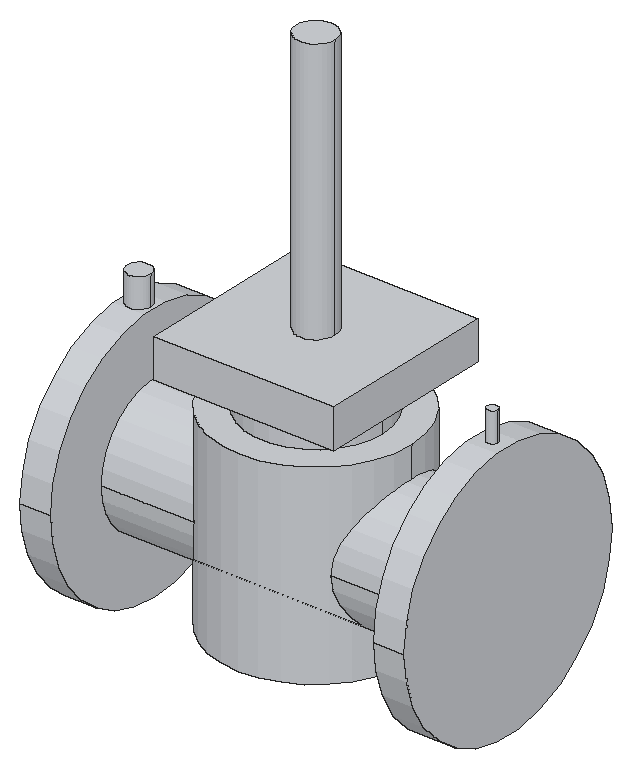
Revit family "OPTIMA_Compact_FLANGE_PN25_DN125-HF_RFA_2018", category Pipe Accessories, Revit 2018
Family settings
  Round Connector Dimension = Use Diameter
  Part Type = Valve - Breaks Into
  Work Plane-Based = No
  Always vertical = Yes
  Cut with Voids When Loaded = No
  Shared = No
Parameters (values of type "Optima Compact Flange PN25 DN125 HF")
  magiProductId = "Frese Optima Flange DN125 HF"
  magiProductFamilyId = "Frese Optima Flange *"
  magiPartTypeId = 304
  isMeasuringValve [instance] = no
  ang2D [instance] = 0.00°
  W2D = 50 mm
  VersionID = "2.0/2018.8.28.1/FRESE_OPTIMA_FLANGE_Q13_002"
  Use Minimum Symbol Size [instance] = yes
  URL = "www.hydronic.cz"
  Type Comments = "Přírubový; PN25; 0~120°C, s měřením"
  R4 = 70 mm
  R3 = 70.2 mm
  R1 = 100 mm
  QmdConnectorList = "301;D;302;D"
  Productdata [instance] = ""
  Manufacturer = "Hydronic Systems Prague s.r.o."
  MC Product Code = "53-1234 (DN125 HF; 40mm; pohon min 1000N; Qmin-dpmin 23000l/h-27.0kPa; Qmax-dpmin 135000l/h-53.0kPa; dpmax 800kPa)"
  MC Piping Given Pressure Drop [instance] = 0.0 Pa
  LF__ve = -LF  # -32 mm
  LF2 = 16 mm
  LF = 32 mm
  L4 = 188 mm
  L3 = 336 mm
  L2D_Min = 3048 mm
  L2D = 230 mm
  L2 = 200 mm
  H6 = 275.5 mm
  H4 = 40.5 mm
  H3 = 33.75 mm
  H2 = 101.25 mm
  H1 = 202.5 mm
  Description = "Tlakově nezávislý 2-cestný regulační vyvažovací ventil (PICV)"
  DF2 = 135 mm
  D = 125 mm
  CAT0 = yes
Types (14, lengths in mm): name | magiProductId | magiProductFamilyId | W2D | Type Comments | R4 | R3 | R1 | MC Product Code | LF__ve | LF2 | LF | L4 | L3 | L2D | L2 | H6 | H4 | H3 | H2 | H1 | DF2 | D
  Optima Compact Flange PN25 DN050 LF | "Frese Optima Flange DN050 LF" | "Frese Optima Flange *" | 50 | "Přírubový; PN25; 0~120°C, s měřením" | 40.3 | 42.9 | 57.5 | "53-1220 (DN50 LF; 20mm; pohon min 1000N; Qmin-dpmin 2500l/h-6.5kPa; Qmax-dpmin 15000l/h-20.0kPa; dpmax 800kPa)" | -18.4 | 9.2 | 18.4 | 108.1 | 193.2 | 230 | 115 | 157.3 | 24.8 | 20.6 | 61.9 | 123.8 | 82.5 | 50
  Optima Compact Flange PN25 DN050 HF | "Frese Optima Flange DN050 HF" | "Frese Optima Flange *" | 50 | "Přírubový; PN25; 0~120°C, s měřením" | 40.25 | 42.9 | 57.5 | "53-1230 (DN50 HF; 20mm; pohon min 1000N; Qmin-dpmin 3900l/h-19.0kPa; Qmax-dpmin 24000l/h-50.0kPa; dpmax 800kPa)" | -18.4 | 9.2 | 18.4 | 108.1 | 193.2 | 230 | 115 | 157.25 | 24.75 | 20.625 | 61.875 | 123.75 | 82.5 | 50
  Optima Compact Flange PN25 DN065 LF | "Frese Optima Flange DN065 LF" | "Frese Optima Flange *" | 50 | "Přírubový; PN25; 0~120°C, s měřením" | 50.75 | 48.1 | 72.5 | "53-1221 (DN65 LF; 20mm; pohon min 1000N; Qmin-dpmin 4400l/h-15.0kPa; Qmax-dpmin 25000l/h-25.0kPa; dpmax 800kPa)" | -23.2 | 11.6 | 23.2 | 136.3 | 243.6 | 230 | 145 | 171.25 | 27.75 | 23.125 | 69.375 | 138.75 | 92.5 | 65
  Optima Compact Flange PN25 DN065 HF | "Frese Optima Flange DN065 HF" | "Frese Optima Flange *" | 50 | "Přírubový; PN25; 0~120°C, s měřením" | 50.75 | 48.1 | 72.5 | "53-1231 (DN65 HF; 20mm; pohon min 1000N; Qmin-dpmin 6000l/h-30.0kPa; Qmax-dpmin 35000l/h-55.0kPa; dpmax 800kPa)" | -23.2 | 11.6 | 23.2 | 136.3 | 243.6 | 230 | 145 | 171.25 | 27.75 | 23.125 | 69.375 | 138.75 | 92.5 | 65
  Optima Compact Flange PN25 DN080 LF | "Frese Optima Flange DN080 LF" | "Frese Optima Flange *" | 50 | "Přírubový; PN25; 0~120°C, s měřením" | 54.25 | 52 | 77.5 | "53-1222 (DN80 LF; 20mm; pohon min 1000N; Qmin-dpmin 5300l/h-16.0kPa; Qmax-dpmin 34000l/h-25.0kPa; dpmax 800kPa)" | -24.8 | 12.4 | 24.8 | 145.7 | 260.4 | 230 | 155 | 183 | 30 | 25 | 75 | 150 | 100 | 80
  Optima Compact Flange PN25 DN080 HF | "Frese Optima Flange DN080 HF" | "Frese Optima Flange *" | 50 | "Přírubový; PN25; 0~120°C, s měřením" | 54.25 | 52 | 77.5 | "53-1232 (DN80 HF; 20mm; pohon min 1000N; Qmin-dpmin 7000l/h-23.0kPa; Qmax-dpmin 43000l/h-50.0kPa; dpmax 800kPa)" | -24.8 | 12.4 | 24.8 | 145.7 | 260.4 | 230 | 155 | 183 | 30 | 25 | 75 | 150 | 100 | 80
  Optima Compact Flange PN25 DN100 LF | "Frese Optima Flange DN100 LF" | "Frese Optima Flange *" | 50 | "Přírubový; PN25; 0~120°C, s měřením" | 61.25 | 61.1 | 87.5 | "53-1223 (DN100 LF; 40mm; pohon min 1000N; Qmin-dpmin 12100l/h-20.0kPa; Qmax-dpmin 68000l/h-35.0kPa; dpmax 800kPa)" | -28 | 14 | 28 | 164.5 | 294 | 230 | 175 | 268.75 | 35.25 | 29.375 | 88.125 | 176.25 | 117.5 | 100
  Optima Compact Flange PN25 DN100 HF | "Frese Optima Flange DN100 HF" | "Frese Optima Flange *" | 50 | "Přírubový; PN25; 0~120°C, s měřením" | 61.25 | 61.1 | 87.5 | "53-1233 (DN100 HF; 40mm; pohon min 1000N; Qmin-dpmin 14800l/h-30.0kPa; Qmax-dpmin 90000l/h-75.0kPa; dpmax 800kPa)" | -28 | 14 | 28 | 164.5 | 294 | 230 | 175 | 268.75 | 35.25 | 29.375 | 88.125 | 176.25 | 117.5 | 100
  Optima Compact Flange PN25 DN125 LF | "Frese Optima Flange DN125 LF" | "Frese Optima Flange *" | 50 | "Přírubový; PN25; 0~120°C, s měřením" | 70 | 70.2 | 100 | "53-1224 (DN125 LF; 40mm; pohon min 1000N; Qmin-dpmin 18500l/h-16.0kPa; Qmax-dpmin 110000l/h-35.0kPa; dpmax 800kPa)" | -32 | 16 | 32 | 188 | 336 | 230 | 200 | 275.5 | 40.5 | 33.75 | 101.25 | 202.5 | 135 | 125
  Optima Compact Flange PN25 DN125 HF | "Frese Optima Flange DN125 HF" | "Frese Optima Flange *" | 50 | "Přírubový; PN25; 0~120°C, s měřením" | 70 | 70.2 | 100 | "53-1234 (DN125 HF; 40mm; pohon min 1000N; Qmin-dpmin 23000l/h-27.0kPa; Qmax-dpmin 135000l/h-53.0kPa; dpmax 800kPa)" | -32 | 16 | 32 | 188 | 336 | 230 | 200 | 275.5 | 40.5 | 33.75 | 101.25 | 202.5 | 135 | 125
  Optima Compact Flange PN25 DN150 LF | "Frese Optima Flange DN150 LF" | "Frese Optima Flange *" | 50 | "Přírubový; PN25; 0~110°C, s měřením" | 84 | 74.1 | 120 | "53-1225 (DN150 LF; 43mm; pohon min 1500N; Qmin-dpmin 25600l/h-21.0kPa; Qmax-dpmin 148000l/h-35.0kPa; dpmax 800kPa)" | -38.4 | 19.2 | 38.4 | 225.6 | 403.2 | 230 | 240 | 279.25 | 42.75 | 35.625 | 106.875 | 213.75 | 142.5 | 150
  Optima Compact Flange PN25 DN150 HF | "Frese Optima Flange DN150 HF" | "Frese Optima Flange *" | 50 | "Přírubový; PN25; 0~110°C, s měřením" | 84 | 74.1 | 120 | "53-1235 (DN150 HF; 43mm; pohon min 1500N; Qmin-dpmin 32000l/h-33.0kPa; Qmax-dpmin 195000l/h-65.0kPa; dpmax 800kPa)" | -38.4 | 19.2 | 38.4 | 225.6 | 403.2 | 230 | 240 | 279.25 | 42.75 | 35.625 | 106.875 | 213.75 | 142.5 | 150
  Optima Compact Flange PN25 DN200 LF | "" | "" | 100 | "Přírubový; PN25; 0~110°C, s měřením" | 164.5 | 98.8 | 235 | "53-1226 (DN200 LF; 43mm; pohon min 1500N; Qmin-dpmin 95000l/h-11.0kPa; Qmax-dpmin 210000l/h-32.0kPa; dpmax 800kPa)" | -48 | 24 | 48 | 282 | 504 | 350 | 300 | 281 | 57 | 15 | 209 | 380 | 190 | 200
  Optima Compact Flange PN25 DN200 HF | "" | "" | 100 | "Přírubový; PN25; 0~110°C, s měřením" | 164.5 | 98.8 | 235 | "53-1236 (DN200 HF; 43mm; pohon min 1500N; Qmin-dpmin 130000l/h-31.0kPa; Qmax-dpmin 280000l/h-78.0kPa; dpmax 800kPa)" | -48 | 24 | 48 | 282 | 504 | 350 | 300 | 281 | 57 | 15 | 209 | 380 | 190 | 200
Reference planes
  plane 1 "Center (Front/Back)": y = 0
  plane 2 "XYPLANE": z = 0
  plane 3 "Center (Left/Right)": x = 0
  plane 4 "157": x = 184
  plane 5 "156": x = -184
  plane 6 "155": z = 135
  plane 7 "154": z = 175.5
  plane 8 "153": z = 135
  plane 9 "152": z = 101.25
  plane 10 "151": x = -168
  plane 11 "150": z = -101.25
  plane 12 "149": x = 0
  plane 13 "148": y = 0
  plane 14 "147": z = 0
  plane 15 "146": x = -200
  plane 16 "145": x = 200
Forms (mm)
  Extrusion 1, solid, visible <- "CAT0"
    sketch origin (-750, 0, 135) x (1, 0, 0) y (0, 1, 0)
      loop
        circle (934, 0) r 5.5
    from 0 to 30
  Extrusion 2, solid, visible <- "CAT0"
    sketch origin (-750, 0, 135) x (1, 0, 0) y (0, 1, 0)
      loop
        circle (566, 0) r 12.3
    from 0 to 30
  Extrusion 3, solid, visible <- "CAT0"
    sketch origin (-750, 0, 175.5) x (1, 0, 0) y (0, 1, 0)
      loop
        circle (750, 0) r 20
    from 0 to 275.5 <- "H6"
  Extrusion 4, solid, visible <- "CAT0"
    sketch origin (-750, 0, 135) x (1, 0, 0) y (0, 1, 0)
      loop
        line (844, 94) -> (656, 94) -> (656, -94) -> (844, -94) -> (844, 94)
    from 0 to 40.5 <- "H4"
  Extrusion 5, solid, visible <- "CAT0"
    sketch origin (-750, 0, 101.25) x (1, 0, 0) y (0, 1, 0)
      loop
        circle (750, 0) r 70
    from 0 to 33.75 <- "H3"
  Extrusion 6, solid, visible <- "CAT0"
    sketch origin (-168, -750, 0) x (0, 1, 0) y (0, 0, 1)
      loop
        circle (750, 0) r 70.2
    from 0 to 336 <- "L3"
  Extrusion 7, solid, visible <- "CAT0"
    sketch origin (-750, 0, -101.25) x (1, 0, 0) y (0, 1, 0)
      loop
        circle (750, 0) r 100
    from 0 to 202.5 <- "H1"
  Extrusion 8, solid, visible <- "CAT0"
    sketch origin (-200, -750, 0) x (0, 1, 0) y (0, 0, 1)
      loop
        circle (750, 0) r 135
    from 0 to 32 <- "LF"
  Extrusion 9, solid, visible <- "CAT0"
    sketch origin (200, -750, 0) x (0, 1, 0) y (0, 0, 1)
      loop
        circle (750, 0) r 135
    from 0 to -32 <- "LF__ve"
  Extrusion 10, solid, not visible
    sketch origin (-200, -750, 0) x (0, 1, 0) y (0, 0, 1)
      loop
        circle (750, 0) r 10
    from 0 to 10
  Extrusion 11, solid, not visible
    sketch origin (200, -750, 0) x (0, 1, 0) y (0, 0, 1)
      loop
        circle (750, 0) r 10
    from 0 to -10
Lines and regions (mm)
  reference lines, not visible
    curve 1: circle (2, 2, 0) r 1 normal (0, 0, 1)
  reference lines
    curve 2: circle (0, 0, 135) r 1 normal (0, 0, 1)
Dimensions and locks
  plane 1 "Center (Front/Back)" to curve 1 = 2 mm
  "LF2": plane 16 "145" to plane 4 "157"
  "LF2": plane 15 "146" to plane 5 "156"
  "DF2": plane 2 "XYPLANE" to plane 6 "155"
  "H4": plane 8 "153" to plane 7 "154"
  "H3": plane 9 "152" to plane 8 "153"
  "H1": plane 11 "150" to plane 9 "152"
  "LF": plane 15 "146" to plane 10 "151"
  "H2": plane 2 "XYPLANE" to plane 11 "150"
  locked: plane 3 "Center (Left/Right)" to plane 12 "149"
  locked: plane 1 "Center (Front/Back)" to plane 13 "148"
  locked: plane 2 "XYPLANE" to plane 14 "147"
  "L2": plane 3 "Center (Left/Right)" to plane 15 "146"
  "L2": plane 3 "Center (Left/Right)" to plane 16 "145"
  equal spacing: Extrusion 4 sketch curve, curve 2, Extrusion 4 sketch curve  (x2)
  "L4": Extrusion 4 sketch curve to Extrusion 4 sketch curve  (x2)
  Extrusion 4 sketch curve to Extrusion 4 sketch curve = 0 mm  (x8)
  "R4": radius of Extrusion 5 sketch curve
  "R3": radius of Extrusion 6 sketch curve
  "R1": radius of Extrusion 7 sketch curve
  "DF2": radius of Extrusion 8 sketch curve
  "DF2": radius of Extrusion 9 sketch curve
  aligned and locked: level to plane 2 "XYPLANE"
  aligned and locked: plane 4 "157" to Extrusion 1 sketch curve
  aligned and locked: plane 13 "148" to Extrusion 1 sketch curve
  aligned and locked: plane 5 "156" to Extrusion 2 sketch curve
  aligned and locked: plane 13 "148" to Extrusion 2 sketch curve
  aligned and locked: plane 12 "149" to Extrusion 3 sketch curve
  aligned and locked: plane 13 "148" to Extrusion 3 sketch curve
  aligned and locked: plane 12 "149" to curve 2
  aligned and locked: plane 13 "148" to curve 2
  aligned and locked: plane 12 "149" to Extrusion 5 sketch curve
  aligned and locked: plane 13 "148" to Extrusion 5 sketch curve
  aligned and locked: Extrusion 6 sketch curve to plane 13 "148"
  aligned and locked: plane 14 "147" to Extrusion 6 sketch curve
  aligned and locked: plane 12 "149" to Extrusion 7 sketch curve
  aligned and locked: plane 13 "148" to Extrusion 7 sketch curve
  aligned and locked: Extrusion 8 sketch curve to plane 13 "148"
  aligned and locked: plane 14 "147" to Extrusion 8 sketch curve
  aligned and locked: Extrusion 9 sketch curve to plane 13 "148"
  aligned and locked: plane 14 "147" to Extrusion 9 sketch curve
  aligned and locked: Extrusion 10 sketch curve to plane 13 "148"
  aligned and locked: plane 14 "147" to Extrusion 10 sketch curve
  aligned and locked: Extrusion 11 sketch curve to plane 13 "148"
  aligned and locked: plane 14 "147" to Extrusion 11 sketch curve
Automatic sketch dimensions
  Extrusion 1 sketch curve to plane 4 "157" = 5.5 mm
  plane 15 "146" to Extrusion 2 sketch curve = 3.7 mm
  Extrusion 3 sketch curve to plane 3 "Center (Left/Right)" = 20 mm
  plane 1 "Center (Front/Back)" to Extrusion 10 sketch curve = 10 mm
  plane 1 "Center (Front/Back)" to Extrusion 11 sketch curve = 10 mm
  plane 3 "Center (Left/Right)" to curve 1 = 2 mm
  plane 10 "151" to Extrusion 4 sketch curve = 74 mm
  plane 1 "Center (Front/Back)" to Extrusion 4 sketch curve = 94 mm
  radius of curve 2 = 1 mm
  radius of curve 1 = 1 mm
Connectors
  piping at (-200, 0, 0), diameter 125, driven by "D"
    settings: on Extrusion 10, index 1, connector inside diameter 609.6 mm, connector length 0 mm, flow factor 0, pipe flow 0.0 L/s, pressure drop 0.0 Pa, fitting loss kfactor 0, connector angle 0.00°, fixture units 0, engagement length 0 mm, angle of deflection 0.00°, flow configuration 0, flow direction 0, fitting loss method 0, system type 29, joint type 0, gender type 0, connector reference index 2, connector utility 0, adjustable connector no, is connector primary yes, connector description ""
  piping at (200, 0, 0), diameter 125, driven by "D"
    settings: on Extrusion 11, index 2, connector inside diameter 609.6 mm, connector length 0 mm, flow factor 0, pipe flow 0.0 L/s, pressure drop 0.0 Pa, fitting loss kfactor 0, connector angle 0.00°, fixture units 0, engagement length 0 mm, angle of deflection 0.00°, flow configuration 0, flow direction 0, fitting loss method 0, system type 29, joint type 0, gender type 0, connector reference index 1, connector utility 0, adjustable connector no, is connector primary no, connector description ""
